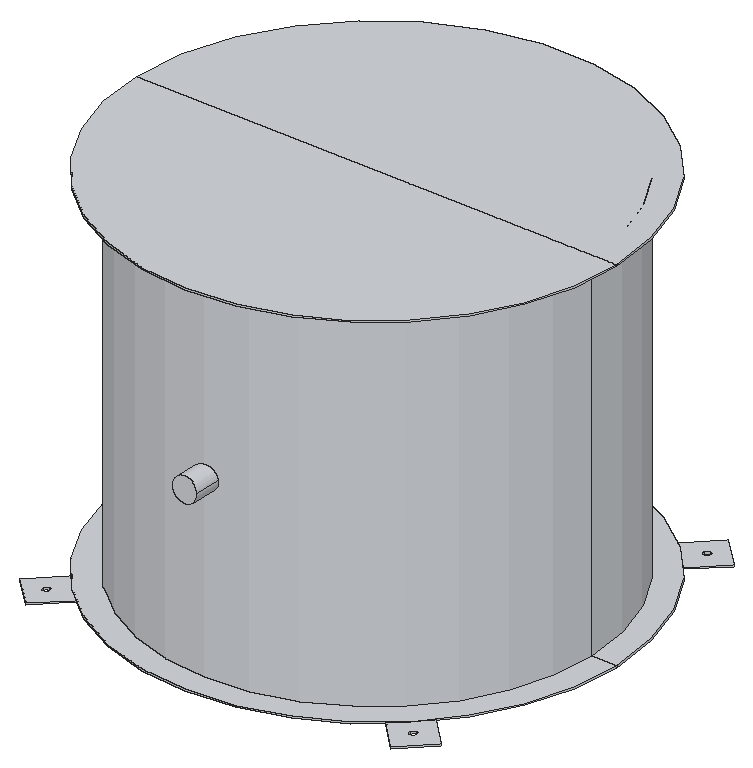
Revit family "AVAD_Upblast_Floor_Mount", category Mechanical Equipment, Revit 2019
Family settings
  Round Connector Dimension = Use Radius
  Part Type = Normal
  Work Plane-Based = No
  Always vertical = Yes
  Cut with Voids When Loaded = No
  Shared = No
  Room Calculation Point = No
Parameters (values of type "35_AVAD_UPBLAST_FLOOR")
  ModelID [instance] = ""
  L/2 = L / 2  # 1' - 3 1/4"
  L = 2' - 6 1/2"
  K/2 = K / 2  # 0' - 0 9/32"
  K = 0' - 0 9/16"
  J/2 = J / 2  # 1' - 9 9/16"
  J-B = J - B  # 0' - 3 1/4"
  J = 3' - 7 1/8"
  H = 3' - 11 7/8"
  Unit Weight [instance] = ""
  Sones [instance] = ""
  Motor RPM [instance] = ""
  Motor Enclosure [instance] = ""
  LwA [instance] = ""
  G = 12' - 0"
  Fan RPM [instance] = ""
  F/2 = F / 2  # 0' - 0 9/32"
  F = 0' - 0 9/16"
  E/2 = E / 2  # 1' - 3"
  E-2" = E - 0' 2"  # 2' - 4"
  E-.125" = E - 0' 0 1/8"  # 2' - 5 7/8"
  E = 2' - 6"
  C/2 = C / 2  # 1' - 7"
  C = 3' - 2"
  B/2 = B / 2  # 1' - 7 15/16"
  B = 3' - 3 7/8"
  Accessories [instance] = ""
  A/3 = A / 2.5  # 1' - 2.2"
  A/2 = A / 2  # 1' - 5 3/4"
  A = 2' - 11 1/2"
  60 = 60.00°  # constant formula
  45 = 45.00°
  30 = 30.00°  # constant formula
  3" = 0' - 3"  # constant formula
  Brake Hp [instance] = ""
  4" = 0' - 4"  # constant formula
  2' = 2' - 0"
  2" = 0' - 2"  # constant formula
  1" = 0' - 1"  # constant formula
  0 = 0' - 0"  # constant formula
  Voltage [instance] = 0 V
  URL = "www.lorencook.com"
  Type Comments = "Adjustable Pitch Vane Axial Upblast Floor Mount Direct Drive Arrangement 4"  # constant formula
  Static Pressure [instance] = 0.00 in-wg
  Power [instance] = Voltage * Motor FLA * sqrt(if(Phase = 3, 3, 1))  # 0 VA
  Phase [instance] = 0
  Number of Poles [instance] = 1
  Motor Hp [instance] = "0"
  Motor FLA [instance] = 0 A
  Model = "AVAD"  # constant formula
  Manufacturer = "Loren Cook Company"
  CFM [instance] = 0 CFM
  1.5 = 0' - 1 1/2"  # constant formula
  ONE EIGTH = 0' - 0 1/8"  # constant formula
  -E/2 = -E / 2  # -1' - 3"
  -(E-.25")/2 = -(E - 0' 0 1/4") / 2  # -1' - 2 7/8"
  (L/2)-1" = (L / 2) - 0' 1"  # 1' - 2 1/4"
  (J-B)/2 = (J - B) / 2  # 0' - 1 5/8"
  (J+(J-B))/2 = (J + (J - B)) / 2  # 1' - 11 3/16"
  (E-.25")/2 = (E - 0' 0 1/4") / 2  # 1' - 2 7/8"
  (A+.25")/2 = (A + 0' 0 1/4") / 2  # 1' - 5 7/8"
Types (9): name | L/2 | L | K/2 | K | J/2 | J-B | J | H | G | F/2 | F | E/2 | E-2" | E-.125" | E | C/2 | C | B/2 | B | A/3 | A/2 | A | -E/2 | -(E-.25")/2 | (L/2)-1" | (J-B)/2 | (J+(J-B))/2 | (E-.25")/2 | (A+.25")/2
  (no name) | 1' - 3 1/4" | 2' - 6 1/2" | 0' - 0 9/32" | 0' - 0 9/16" | 1' - 9 9/16" | 0' - 3 1/4" | 3' - 7 1/8" | 3' - 11 7/8" | 12' - 0" | 0' - 0 9/32" | 0' - 0 9/16" | 1' - 3" | 2' - 4" | 2' - 5 7/8" | 2' - 6" | 1' - 7" | 3' - 2" | 1' - 7 15/16" | 3' - 3 7/8" | 1' - 2.2" | 1' - 5 3/4" | 2' - 11 1/2" | -1' - 3" | -1' - 2 7/8" | 1' - 2 1/4" | 0' - 1 5/8" | 1' - 11 3/16" | 1' - 2 7/8" | 1' - 5 7/8"
  35_AVAD_UPBLAST_FLOOR | 1' - 3 1/4" | 2' - 6 1/2" | 0' - 0 9/32" | 0' - 0 9/16" | 1' - 9 9/16" | 0' - 3 1/4" | 3' - 7 1/8" | 3' - 11 7/8" | 12' - 0" | 0' - 0 9/32" | 0' - 0 9/16" | 1' - 3" | 2' - 4" | 2' - 5 7/8" | 2' - 6" | 1' - 7" | 3' - 2" | 1' - 7 15/16" | 3' - 3 7/8" | 1' - 2.2" | 1' - 5 3/4" | 2' - 11 1/2" | -1' - 3" | -1' - 2 7/8" | 1' - 2 1/4" | 0' - 1 5/8" | 1' - 11 3/16" | 1' - 2 7/8" | 1' - 5 7/8"
  39_AVAD_UPBLAST_FLOOR | 1' - 4 21/32" | 2' - 9 5/16" | 0' - 0 9/32" | 0' - 0 9/16" | 1' - 11 9/16" | 0' - 3 3/16" | 3' - 11 1/8" | 4' - 1 7/8" | 12' - 0" | 0' - 0 9/32" | 0' - 0 9/16" | 1' - 3" | 2' - 4" | 2' - 5 7/8" | 2' - 6" | 1' - 8 15/16" | 3' - 5 7/8" | 1' - 9 31/32" | 3' - 7 15/16" | 1' - 3 3/4" | 1' - 7 11/16" | 3' - 3 3/8" | -1' - 3" | -1' - 2 7/8" | 1' - 3 21/32" | 0' - 1 19/32" | 2' - 1 5/32" | 1' - 2 7/8" | 1' - 7 13/16"
  44_AVAD_UPBLAST_FLOOR | 1' - 7 1/16" | 3' - 2 1/8" | 0' - 0 11/32" | 0' - 0 11/16" | 2' - 2 15/16" | 0' - 4 1/4" | 4' - 5 7/8" | 4' - 5 1/4" | 12' - 0" | 0' - 0 9/32" | 0' - 0 9/16" | 1' - 5" | 2' - 8" | 2' - 9 7/8" | 2' - 10" | 1' - 11 11/16" | 3' - 11 3/8" | 2' - 0 13/16" | 4' - 1 5/8" | 1' - 5.65" | 1' - 10 1/16" | 3' - 8 1/8" | -1' - 5" | -1' - 4 7/8" | 1' - 6 1/16" | 0' - 2 1/8" | 2' - 5 1/16" | 1' - 4 7/8" | 1' - 10 3/16"
  49_AVAD_UPBLAST_FLOOR | 1' - 8 7/8" | 3' - 5 3/4" | 0' - 0 11/32" | 0' - 0 11/16" | 2' - 5 1/2" | 0' - 4 1/4" | 4' - 11" | 4' - 7 3/4" | 12' - 0" | 0' - 0 9/32" | 0' - 0 9/16" | 1' - 5" | 2' - 8" | 2' - 9 7/8" | 2' - 10" | 2' - 2 1/4" | 4' - 4 1/2" | 2' - 3 3/8" | 4' - 6 3/4" | 1' - 7.7" | 2' - 0 5/8" | 4' - 1 1/4" | -1' - 5" | -1' - 4 7/8" | 1' - 7 7/8" | 0' - 2 1/8" | 2' - 7 5/8" | 1' - 4 7/8" | 2' - 0 3/4"
  57_AVAD_UPBLAST_FLOOR | 1' - 11 21/32" | 3' - 11 5/16" | 0' - 0 11/32" | 0' - 0 11/16" | 2' - 9 7/16" | 0' - 4 1/4" | 5' - 6 7/8" | 5' - 5 3/4" | 12' - 0" | 0' - 0 9/32" | 0' - 0 9/16" | 1' - 9" | 3' - 4" | 3' - 5 7/8" | 3' - 6" | 2' - 5 15/16" | 4' - 11 7/8" | 2' - 7 5/16" | 5' - 2 5/8" | 1' - 10.85" | 2' - 4 9/16" | 4' - 9 1/8" | -1' - 9" | -1' - 8 7/8" | 1' - 10 21/32" | 0' - 2 1/8" | 2' - 11 9/16" | 1' - 8 7/8" | 2' - 4 11/16"
  63_AVAD_UPBLAST_FLOOR | 2' - 1 23/32" | 4' - 3 7/16" | 0' - 0 11/32" | 0' - 0 11/16" | 3' - 0 3/8" | 0' - 4 1/4" | 6' - 0 3/4" | 5' - 8 5/8" | 16' - 0" | 0' - 0 11/32" | 0' - 0 11/16" | 1' - 9" | 3' - 4" | 3' - 5 7/8" | 3' - 6" | 2' - 9 1/8" | 5' - 6 1/4" | 2' - 10 1/4" | 5' - 8 1/2" | 2' - 1.2" | 2' - 7 1/2" | 5' - 3" | -1' - 9" | -1' - 8 7/8" | 2' - 0 23/32" | 0' - 2 1/8" | 3' - 2 1/2" | 1' - 8 7/8" | 2' - 7 5/8"
  71_AVAD_UPBLAST_FLOOR | 2' - 5 7/32" | 4' - 10 7/16" | 0' - 0 11/32" | 0' - 0 11/16" | 3' - 5 5/16" | 0' - 5" | 6' - 10 5/8" | 6' - 0 3/4" | 16' - 0" | 0' - 0 11/32" | 0' - 0 11/16" | 2' - 3" | 4' - 4" | 4' - 5 7/8" | 4' - 6" | 3' - 1 1/2" | 6' - 3" | 3' - 2 13/16" | 6' - 5 5/8" | 2' - 4.35" | 2' - 11 7/16" | 5' - 10 7/8" | -2' - 3" | -2' - 2 7/8" | 2' - 4 7/32" | 0' - 2 1/2" | 3' - 7 13/16" | 2' - 2 7/8" | 2' - 11 9/16"
  79_AVAD_UPBLAST_FLOOR | 2' - 8" | 5' - 4" | 0' - 0 11/32" | 0' - 0 11/16" | 3' - 9 1/4" | 0' - 4 15/16" | 7' - 6 1/2" | 6' - 4 5/8" | 16' - 0" | 0' - 0 11/32" | 0' - 0 11/16" | 2' - 3" | 4' - 4" | 4' - 5 7/8" | 4' - 6" | 3' - 5 7/16" | 6' - 10 7/8" | 3' - 6 25/32" | 7' - 1 9/16" | 2' - 7 1/2" | 3' - 3 3/8" | 6' - 6 3/4" | -2' - 3" | -2' - 2 7/8" | 2' - 7" | 0' - 2 15/32" | 3' - 11 23/32" | 2' - 2 7/8" | 3' - 3 1/2"
Reference planes (in)
  plane 1 "Center (Front/Back)": y = 0
  plane 2: z = 0
  plane 3 "Center (Left/Right)": x = 0.40541
Forms (in)
  Revolve 1, solid
    sketch origin (0, 0, 0) x (1, 0, 0) y (0, 0, 1)
      loop
        line (0.40541, 0) -> (20.34291, 0) -> (20.34291, 0.125) -> (18.28041, 0.125) -> (18.28041, 29.875) -> (20.34291, 29.875) -> (20.34291, 30) -> (0.40541, 30) -> (0.40541, 0)
      axis (0.40541, 30) -> (0.40541, 0)
    angle from 0 to 360
  Extrusion 2, solid
    sketch origin (0, 0, 0) x (1, 0, 0) y (0, 1, 0)
      loop
        line (-12.49658, 15.20009) -> (-14.80126, 17.50477)
        arc (-14.80126, 17.50477) -> (-15.99063, 16.39604) -> (-17.09936, 15.20668) r 23.1875
        line (-17.09936, 15.20668) -> (-14.79467, 12.90199)
        arc (-14.79467, 12.90199) -> (-13.69253, 14.09794) -> (-12.49658, 15.20009) r 19.9375
      loop
        arc (13.3074, 15.20009) -> (14.50335, 14.09794) -> (15.6055, 12.90199) r 19.9375
        line (15.6055, 12.90199) -> (17.91019, 15.20668)
        arc (17.91019, 15.20668) -> (16.80145, 16.39604) -> (15.61209, 17.50477) r 23.1875
        line (15.61209, 17.50477) -> (13.3074, 15.20009)
      loop
        line (13.3074, -15.20009) -> (15.61209, -17.50477)
        arc (15.61209, -17.50477) -> (16.80145, -16.39604) -> (17.91019, -15.20668) r 23.1875
        line (17.91019, -15.20668) -> (15.6055, -12.90199)
        arc (15.6055, -12.90199) -> (14.50335, -14.09794) -> (13.3074, -15.20009) r 19.9375
      loop
        arc (-12.49658, -15.20009) -> (-13.69253, -14.09794) -> (-14.79467, -12.90199) r 19.9375
        line (-14.79467, -12.90199) -> (-17.09936, -15.20668)
        arc (-17.09936, -15.20668) -> (-15.99063, -16.39604) -> (-14.80126, -17.50477) r 23.1875
        line (-14.80126, -17.50477) -> (-12.49658, -15.20009)
    from 0 to 0.125
  Extrusion 3, void
    sketch origin (0, 0, 0) x (1, 0, 0) y (0, 1, 0)
      loop
        circle (15.65541, 15.25) r 0.28125
      loop
        circle (-14.84459, 15.25) r 0.28125
      loop
        circle (-14.84459, -15.25) r 0.28125
      loop
        circle (15.65541, -15.25) r 0.28125
    from 0 to 30 <- "E"
  Extrusion 4, solid
    sketch origin (0, 0, 0) x (1, 0, 0) y (0, 0, 1)
      loop
        circle (0.40541, 15) r 1
    from 0 to 19.9375 <- "B/2"
Cuts and joins
  Extrusion 3 cuts Revolve 1
  Extrusion 3 cuts Extrusion 2
Dimensions and locks (in)
  "0": Revolve 1 sketch curve to plane 3 "Center (Left/Right)"  (x2)
  "0": Revolve 1 sketch curve to level
  "B/2": Revolve 1 sketch curve to plane 3 "Center (Left/Right)"  (x2)
  "(A+.25")/2": Revolve 1 sketch curve to plane 3 "Center (Left/Right)"
  "ONE EIGTH": Revolve 1 sketch curve to Revolve 1 sketch curve  (x2)
  "E": Revolve 1 sketch curve to level
  "0": Extrusion 2 sketch curve to plane 3 "Center (Left/Right)"  (x8)
  "0": Extrusion 2 sketch curve to plane 1 "Center (Front/Back)"  (x8)
  "J-B": Extrusion 2 sketch curve to Extrusion 2 sketch curve  (x4)
  "(J-B)/2": plane 3 "Center (Left/Right)" to Extrusion 2 sketch curve  (x3)
  "(J-B)/2": Extrusion 2 sketch curve to plane 3 "Center (Left/Right)"
  "L/2": plane 3 "Center (Left/Right)" to Extrusion 3 sketch curve  (x4)
  "L/2": plane 1 "Center (Front/Back)" to Extrusion 3 sketch curve  (x4)
  "0": Extrusion 4 sketch curve to plane 3 "Center (Left/Right)"
  "E/2": Extrusion 4 sketch curve to level
  "(J+(J-B))/2": radius of Extrusion 2 sketch curve  (x4)
  "B/2": radius of Extrusion 2 sketch curve  (x4)
  "K/2": radius of Extrusion 3 sketch curve  (x4)
  "1"": radius of Extrusion 4 sketch curve
  "45": angle plane 3 "Center (Left/Right)" to Extrusion 2 sketch curve
  "45": angle Extrusion 2 sketch curve to plane 3 "Center (Left/Right)"  (x2)
  "45": angle Extrusion 2 sketch curve to plane 1 "Center (Front/Back)"
Automatic sketch dimensions
  Revolve 1 sketch curve to level = 0' - 0"
  Revolve 1 sketch curve to level = 1' - 0"
Connectors (in)
  hvac at (0.40541, 0, 30), driven by "A/2"
    settings: on cut or joined group of Revolve 1, Extrusion 3, index 1, duct flow 0 CFM, flow factor 0, pres drop 0.00 in-wg, loss coef 0, conn angle 0.00°, conn width 12", conn height 12", conn diameter 35 1/2", duct sys type 29, conn prof type 0, flow config 0, flow direction 2, loss method 0, conn ref index -1, conn util no, is conn primary yes, conn desc ""
  hvac at (0.40541, 0, 0.125), driven by "A/2"
    settings: on cut or joined group of Revolve 1, Extrusion 3, index 2, duct flow 0 CFM, flow factor 0, pres drop 0.00 in-wg, loss coef 0, conn angle 0.00°, conn width 12", conn height 12", conn diameter 35 1/2", duct sys type 29, conn prof type 0, flow config 0, flow direction 1, loss method 0, conn ref index -1, conn util no, is conn primary no, conn desc ""
  electrical at (0.40541, -19.9375, 15)
    settings: on Extrusion 4, index 3, voltage 0 V, apparent load 0 VA, apparent load phase1 0 VA, apparent load phase2 0 VA, apparent load phase3 0 VA, power factor 1, load classification "Other", number of poles 1, system type 30, power factor state 1, is connector primary yes, connector utility no, sub classification motor no, connector description ""
